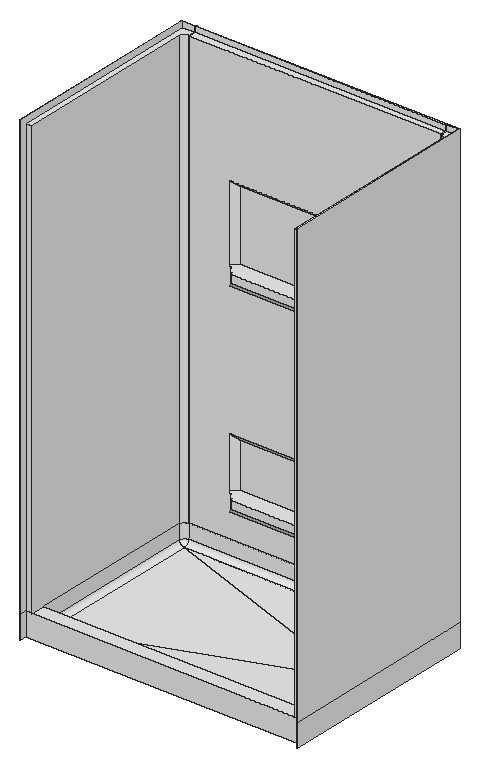
Revit family "4LRS4834.V2 L-R", category Plumbing Fixtures, Revit 2019
Family settings
  Round Connector Dimension = Use Diameter
  Part Type = Normal
  OmniClass Number = 23.45.05.14.17
  OmniClass Title = Showers
  Work Plane-Based = No
  Always vertical = Yes
  Cut with Voids When Loaded = No
  Shared = No
  Room Calculation Point = No
Parameters (values of type "4LRS4834.V2 L/R")
  Unit Width = 48"
  Unit Height = 80 1/2"
  Unit Depth = 35"
  URL = "http://www.bestbath.com/"
  Type Comments = "Remodeler"
  Model = "4LRS4834.V2 L/R"
  Material [instance] = Best Bath Gelcoat Fiberglass - RealTile
  Manufacturer = "Best Bath Systems, Inc."
  Keynote = "22 40 00.B3"
  Description = "Real Tile Finish"
  Assembly Code = "D2010710"
Reference planes (in)
  plane 1 "Back": y = -0.5
  plane 2: z = 0
  plane 3 "Left": x = 0
  plane 4: x = 48
  plane 5: y = -34.5
  plane 6: z = 79.5
  plane 7: z = 0.625
  plane 8: z = 80.5
  plane 9: x = 42
  plane 10: y = -1.75
  plane 11: y = -16.25
  plane 12: z = 0.25
  plane 13: z = 4
  plane 14: y = -35.5
  plane 15: z = 11.5
  plane 16: z = 46.5
Forms (in)
  Extrusion 1, solid, material "Best Bath Gelcoat Fiberglass - Smooth"
    sketch origin (0, 0, 0) x (1, 0, 0) y (0, 1, 0)
      loop
        line (0, -0.5) -> (0, -34.5) -> (48, -34.5) -> (48, -0.5) -> (0, -0.5)
      loop
        circle (42, -16.25) r 1.625
    from 0 to 0.625
  Extrusion 2, solid, material "Best Bath Gelcoat Fiberglass - Smooth"
    sketch origin (0, 0, 0) x (1, 0, 0) y (0, 1, 0)
      loop
        line (2.25, -0.5) -> (2.25, -1.75) -> (45.75, -1.75) -> (45.75, -0.5) -> (2.25, -0.5)
    from 4 to 79.5
  Extrusion 3, solid, material "Best Bath Gelcoat Fiberglass - Smooth"
    sketch origin (0, 0, 0) x (1, 0, 0) y (0, 1, 0)
      loop
        line (0, -34.5) -> (1.25, -34.5) -> (1.25, -2.75)
        arc (1.25, -2.75) -> (1.54289, -2.04289) -> (2.25, -1.75) r 1
        line (2.25, -1.75) -> (45.75, -1.75)
        arc (45.75, -1.75) -> (46.45711, -2.04289) -> (46.75, -2.75) r 1
        line (46.75, -2.75) -> (46.75, -34.5) -> (48, -34.5) -> (48, -0.5) -> (0, -0.5) -> (0, -34.5)
    from 0 to 4
  Extrusion 4, solid, material "Best Bath Gelcoat Fiberglass - Smooth"
    sketch origin (0, 0, 0) x (1, 0, 0) y (0, 1, 0)
      loop
        line (0, -34.5) -> (1.25, -34.5) -> (1.25, -2.75)
        arc (1.25, -2.75) -> (1.54289, -2.04289) -> (2.25, -1.75) r 1
        line (2.25, -1.75) -> (2.25, -0.5) -> (0, -0.5) -> (0, -34.5)
      loop
        line (46.75, -34.5) -> (48, -34.5) -> (48, -0.5) -> (45.75, -0.5) -> (45.75, -1.75)
        arc (45.75, -1.75) -> (46.45711, -2.04289) -> (46.75, -2.75) r 1
        line (46.75, -2.75) -> (46.75, -34.5)
    from 4 to 79.5
  Sweep 5, solid, material "Best Bath Gelcoat Fiberglass - Smooth"
    path origin (0, 0, 0) x (1, 0, 0) y (0, 1, 0)
      loop
        line (1.25, -34.5) -> (1.25, -2.75)
        arc (1.25, -2.75) -> (1.54289, -2.04289) -> (2.25, -1.75) r 1
        line (2.25, -1.75) -> (45.75, -1.75)
        arc (45.75, -1.75) -> (46.45711, -2.04289) -> (46.75, -2.75) r 1
        line (46.75, -2.75) -> (46.75, -34.5)
    profile origin (1.25, -18.625, 0) x (-1, 0, 0) y (0, 0, 1)
      loop
        line (0, 0.625) -> (0, 1.525)
        arc (0, 1.525) -> (-0.2636, 0.8886) -> (-0.9, 0.625) r 0.9
        line (-0.9, 0.625) -> (0, 0.625)
  Blend 6, void
    base sketch origin (0, 0, 0) x (1, 0, 0) y (0, 1, 0)
      loop
        line (2.25, -31.5) -> (45.75, -31.5) -> (45.75, -2.75) -> (2.25, -2.75) -> (2.25, -31.5)
    top sketch origin (0, 0, 0) x (1, 0, 0) y (0, 1, 0)
      loop
        circle (42, -16.25) r 0.05278
    from 0.625 to 0.25
  Sweep 7, solid, material "Best Bath Gelcoat Fiberglass - Smooth"
    path origin (0, 0, 0) x (1, 0, 0) y (0, 1, 0)
      loop
        line (1.25, -34.5) -> (46.75, -34.5)
    profile origin (24, -34.5, 0) x (0, 1, 0) y (0, 0, 1)
      loop
        line (0, 0) -> (3.11628, 0) -> (2.37209, 4) -> (0, 4) -> (0, 0)
  Extrusion 8, solid, material "Best Bath Gelcoat Fiberglass - Smooth"
    sketch origin (0, 0, 0) x (1, 0, 0) y (0, 1, 0)
      loop
        line (0, -34.5) -> (0, -35.5) -> (0.125, -35.5) -> (0.125, -34.5) -> (0, -34.5)
      loop
        line (48, -34.5) -> (47.875, -34.5) -> (47.875, -35.5) -> (48, -35.5) -> (48, -34.5)
    from 0 to 4
  Extrusion 9, solid, material "Best Bath Gelcoat Fiberglass - Smooth"
    sketch origin (0, 0, 0) x (1, 0, 0) y (0, 1, 0)
      loop
        line (2.25, -0.5) -> (2.25, -0.625) -> (45.75, -0.625) -> (45.75, -0.5) -> (2.25, -0.5)
    from 79.5 to 80.5
  Extrusion 10, solid, material "Best Bath Gelcoat Fiberglass - Smooth"
    sketch origin (0, 0, 0) x (1, 0, 0) y (0, 1, 0)
      loop
        line (0, -35.5) -> (0.125, -35.5) -> (0.125, -0.625) -> (2.25, -0.625) -> (2.25, -0.5) -> (0, -0.5) -> (0, -35.5)
      loop
        line (48, -35.5) -> (48, -0.5) -> (45.75, -0.5) -> (45.75, -0.625) -> (47.875, -0.625) -> (47.875, -35.5) -> (48, -35.5)
    from 4 to 80.5
  Blend 11, solid, material "Best Bath Gelcoat Fiberglass - Smooth"
    base sketch origin (-17.1875, -37.75, -32.5) x (1, 0, 0) y (0, 0, 1)
      loop
        line (56, 44) -> (26.375, 44) -> (26.375, 40.625) -> (56, 40.625) -> (56, 44)
    top sketch origin (-17.1875, -37.75, -32.5) x (1, 0, 0) y (0, 0, 1)
      loop
        line (28.375, 44) -> (28.375, 42.5625) -> (54, 42.5625) -> (54, 44) -> (28.375, 44)
    from -36 to -34
  Blend 12, solid, material "Best Bath Gelcoat Fiberglass - Smooth"
    base sketch origin (-17.1875, -37.75, 4.25) x (1, 0, 0) y (0, 0, 1)
      loop
        line (56, 42.25) -> (26.375, 42.25) -> (26.375, 38.875) -> (56, 38.875) -> (56, 42.25)
    top sketch origin (-17.1875, -37.75, 4.25) x (1, 0, 0) y (0, 0, 1)
      loop
        line (28.375, 42.25) -> (28.375, 40.8125) -> (54, 40.8125) -> (54, 42.25) -> (28.375, 42.25)
    from -36 to -34
  Blend 13, void
    base sketch origin (-32.64477, -38.25, -30.75) x (1, 0, 0) y (0, 0, 1)
      loop
        line (41.87365, 42.25) -> (71.45727, 42.25) -> (71.45727, 51) -> (41.87365, 51) -> (41.87365, 42.25)
    top sketch origin (-32.64477, -38.25, -30.75) x (1, 0, 0) y (0, 0, 1)
      loop
        line (42.87365, 42.25) -> (70.45727, 42.25) -> (70.45727, 50) -> (42.87365, 50) -> (42.87365, 42.25)
    from -36.5 to -37.5
  Blend 14, void
    base sketch origin (-32.64477, -38.25, 4.25) x (1, 0, 0) y (0, 0, 1)
      loop
        line (41.87365, 42.25) -> (71.45727, 42.25) -> (71.45727, 55.25) -> (41.87365, 55.25) -> (41.87365, 42.25)
    top sketch origin (-32.64477, -38.25, 4.25) x (1, 0, 0) y (0, 0, 1)
      loop
        line (42.87365, 42.25) -> (70.45727, 42.25) -> (70.45727, 54.25) -> (42.87365, 54.25) -> (42.87365, 42.25)
    from -36.5 to -37.5
Cuts and joins
  Blend 6 cuts Extrusion 1
  Blend 6 cuts Extrusion 3
  Blend 6 cuts Sweep 5
  joined: Extrusion 1, Extrusion 3, Sweep 5, Sweep 7, Extrusion 8
  Blend 13, Blend 14 cuts Extrusion 2
  Blend 13, Blend 14 cuts Extrusion 9
  joined: Extrusion 2, Extrusion 9, Blend 11, Blend 12
  joined: Extrusion 4, Extrusion 10
Dimensions and locks (in)
  "Unit Width": plane 3 "Left" to plane 4
  locked: plane 7 to level at 0.625
  locked: plane 8 to plane 6 at 1
  "Unit Height": plane 8 to level
  plane 3 "Left" to plane 9 to plane 4 = 42", 6"
  locked: plane 1 "Back" to plane 11 at 15.75
  plane 10 to plane 1 "Back" = 1 1/4"
  locked: plane 7 to plane 12 at 0.375
  locked: plane 13 to level at 4
  locked: plane 5 to plane 14 at 1
  "Unit Depth": plane 14 to plane 1 "Back"
  locked: plane 15 to level at 11.5
  locked: plane 16 to level at 46.5
  aligned and locked: level to plane 2
  aligned and locked: Extrusion 1 to plane 7
  aligned and locked: plane 5 to Extrusion 1 sketch curve
  aligned and locked: plane 4 to Extrusion 1 sketch curve
  aligned and locked: Extrusion 2 sketch curve to Extrusion 1
  aligned and locked: Extrusion 2 sketch curve to plane 10
  aligned and locked: plane 11 to Extrusion 1 sketch curve
  aligned and locked: plane 9 to Extrusion 1 sketch curve
  aligned and locked: plane 13 to Extrusion 3
  aligned and locked: Extrusion 2 to plane 13
  aligned and locked: plane 6 to Extrusion 2
  aligned and locked: Extrusion 4 to Extrusion 2
  aligned and locked: plane 6 to Extrusion 4
  aligned and locked: Sweep 5 sketch curve to plane 7
  aligned and locked: plane 11 to Blend 6 sketch curve
  aligned and locked: plane 9 to Blend 6 sketch curve
  aligned and locked: Extrusion 1 to Blend 6
  aligned and locked: Blend 6 to plane 12
  aligned and locked: Extrusion 8 to Extrusion 2
  aligned and locked: plane 8 to Extrusion 9
  aligned and locked: Extrusion 9 to plane 6
  aligned and locked: Extrusion 10 to plane 13
  aligned and locked: plane 8 to Extrusion 10
  aligned and locked: plane 15 to Blend 11  (x2)
  aligned and locked: plane 16 to Blend 12
  aligned and locked: cut or joined group of Extrusion 2, Extrusion 9, Blend 11, Blend 12, Blend 13, Blend 14 to plane 15
  aligned and locked: cut or joined group of Extrusion 2, Extrusion 9, Blend 11, Blend 12, Blend 13, Blend 14 to plane 16
Automatic sketch dimensions
  Extrusion 1 sketch curve to plane 3 "Left" = 0"
  plane 1 "Back" to Extrusion 1 sketch curve = 0"
  plane 1 "Back" to Extrusion 3 sketch curve = 0"
  Extrusion 3 sketch curve to plane 3 "Left" = 0"
  Extrusion 3 sketch curve to plane 5 = 0"  (x2)
  Extrusion 3 sketch curve to plane 10 = 0"
  Extrusion 3 sketch curve to plane 4 = 0"
  plane 4 to Extrusion 3 sketch curve = 1 1/4"
  Extrusion 3 sketch curve to plane 10 = 1"
  plane 3 "Left" to Extrusion 3 sketch curve = 1 1/4"
  Extrusion 3 sketch curve to Extrusion 3 sketch curve = 1"
  Sweep 5 sketch curve to plane 10 = 0"
  plane 3 "Left" to Sweep 5 sketch curve = 1 1/4"
  Sweep 5 sketch curve to plane 10 = 1"  (x2)
  Sweep 5 sketch curve to plane 5 = 0"  (x2)
  plane 4 to Sweep 5 sketch curve = 2 1/4"
  Sweep 5 sketch curve to profile plane = 0"
  profile plane to Sweep 5 sketch curve = 0.9"
  Extrusion 4 sketch curve to plane 3 "Left" = 0"
  Extrusion 4 sketch curve to plane 5 = 0"  (x2)
  plane 1 "Back" to Extrusion 4 sketch curve = 0"  (x2)
  Extrusion 4 sketch curve to plane 10 = 0"  (x2)
  Extrusion 4 sketch curve to plane 4 = 0"
  Extrusion 4 sketch curve to Extrusion 4 sketch curve = 1 1/4"
  Extrusion 4 sketch curve to Extrusion 4 sketch curve = 2 1/4"
  plane 4 to Extrusion 4 sketch curve = 2 1/4"
  plane 4 to Extrusion 4 sketch curve = 1 1/4"
  plane 4 to Extrusion 2 sketch curve = 2 1/4"
  plane 3 "Left" to Extrusion 2 sketch curve = 2 1/4"
  Sweep 7 sketch curve to plane 5 = 0"
  plane 3 "Left" to Sweep 7 sketch curve = 1 1/4"
  plane 4 to Sweep 7 sketch curve = 1 1/4"
  Blend 6 sketch curve to plane 10 = 1"
  plane 3 "Left" to Blend 6 sketch curve = 2 1/4"
  plane 5 to Blend 6 sketch curve = 3"
  plane 4 to Blend 6 sketch curve = 2 1/4"
  Extrusion 8 sketch curve to plane 3 "Left" = 0"
  Extrusion 8 sketch curve to plane 14 = 0"  (x2)
  Extrusion 8 sketch curve to plane 5 = 0"  (x2)
  Extrusion 8 sketch curve to plane 4 = 0"
  plane 3 "Left" to Extrusion 8 sketch curve = 1/8"
  plane 4 to Extrusion 8 sketch curve = 1/8"
  plane 1 "Back" to Extrusion 9 sketch curve = 0"
  plane 3 "Left" to Extrusion 9 sketch curve = 2 1/4"
  plane 4 to Extrusion 9 sketch curve = 2 1/4"
  plane 1 "Back" to Extrusion 9 sketch curve = 1/8"
  Extrusion 10 sketch curve to plane 3 "Left" = 0"
  Extrusion 10 sketch curve to plane 14 = 0"  (x2)
  plane 1 "Back" to Extrusion 10 sketch curve = 0"  (x2)
  Extrusion 10 sketch curve to plane 4 = 0"
  plane 3 "Left" to Extrusion 10 sketch curve = 1/8"
  plane 1 "Back" to Extrusion 10 sketch curve = 1/8"  (x2)
  Extrusion 10 sketch curve to Extrusion 10 sketch curve = 2 1/8"
  plane 4 to Extrusion 10 sketch curve = 2 1/4"
  plane 4 to Extrusion 10 sketch curve = 1/8"
  Blend 11 sketch curve to plane 15 = 0"  (x2)
  plane 3 "Left" to Blend 11 sketch curve = 9 3/16"
  Blend 11 sketch curve to plane 15 = 3 3/8"
  plane 4 to Blend 11 sketch curve = 9 3/16"
  Blend 11 sketch curve to plane 15 = 1 7/16"
  plane 3 "Left" to Blend 11 sketch curve = 11 3/16"
  plane 4 to Blend 11 sketch curve = 11 3/16"
  Blend 12 sketch curve to plane 16 = 0"  (x2)
  plane 3 "Left" to Blend 12 sketch curve = 9 3/16"
  Blend 12 sketch curve to plane 16 = 3 3/8"
  plane 4 to Blend 12 sketch curve = 9 3/16"
  Blend 12 sketch curve to plane 16 = 1 7/16"
  plane 3 "Left" to Blend 12 sketch curve = 11 3/16"
  plane 4 to Blend 12 sketch curve = 11 3/16"
  Blend 13 sketch curve to plane 15 = 0"  (x2)
  plane 3 "Left" to Blend 13 sketch curve = 9.22888"
  plane 4 to Blend 13 sketch curve = 9 3/16"
  Blend 13 sketch curve to Blend 13 sketch curve = 8 3/4"
  plane 3 "Left" to Blend 13 sketch curve = 10.22888"
  plane 4 to Blend 13 sketch curve = 10 3/16"
  Blend 13 sketch curve to Blend 13 sketch curve = 7 3/4"
  plane 3 "Left" to Blend 14 sketch curve = 9.22888"
  plane 4 to Blend 14 sketch curve = 9 3/16"
  plane 16 to Blend 14 sketch curve = 0"  (x2)
  Blend 14 sketch curve to Blend 14 sketch curve = 13"
  plane 3 "Left" to Blend 14 sketch curve = 10.22888"
  plane 4 to Blend 14 sketch curve = 10 3/16"
  Blend 14 sketch curve to Blend 14 sketch curve = 12"
  Sweep 7 sketch curve to profile plane = 0"
  Sweep 7 sketch curve to level = 0"
  Sweep 7 sketch curve to profile plane = 2.37209"
  Sweep 7 sketch curve to profile plane = 3.11628"
  level to Sweep 7 sketch curve = 4"
  radius of Extrusion 1 sketch curve = 1 5/8"
  radius of Blend 6 sketch curve = 0.05278"
